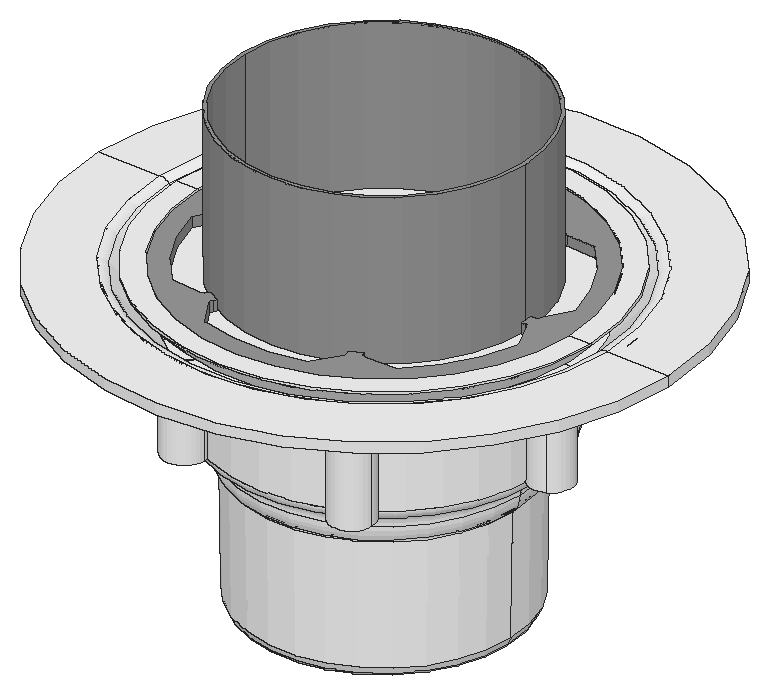
Revit family "3000.119 Down Pipe Junction", category Plumbing Fixtures, Revit 2016
Family settings
  Part Type = Normal
  Round Connector Dimension = Use Diameter
  OmniClass Number = 23.13.41.39
  OmniClass Title = Roof Drains
  Work Plane-Based = No
  Always vertical = Yes
  Cut with Voids When Loaded = No
  Shared = No
  Room Calculation Point = No
Parameters (values of type "100x100")
  Waste Connection = yes
  Vent Connection = no
  URL = "www.aquaknight.co.nz"
  Phone = "+6498322214"  # constant formula
  Model = "3000.119"
  Manufacturer = "Aquanight Industries Ltd"  # constant formula
  HW Connection = no
  Email = "info@aquaknight.co.nz"  # constant formula
  Description = "DownPipe Junction 100xDWV100 vented"
  Connector Diameter = 100 mm
  CW Connection = no
Reference planes
  plane 1 "Center (Front/Back)": y = 0
  plane 2: z = 0
  plane 3 "Center (Left/Right)": x = 0
  plane 4: z = -95.977
Forms (mm)
  Revolve 1, solid, material "Plastic, Glossy White"
    sketch origin (0, 0, -4) x (1, 0, 0) y (0, 0, 1)
      loop
        line (72.865, -12.5) -> (58.75, -12.5) -> (58.418, -50.494)
        arc (58.418, -50.494) -> (53.232, -54.057) -> (51.2, -60.012) r 10
        arc (51.2, -60.012) -> (50.803, -62.433) -> (49.691, -64.62) r 8
        arc (49.691, -64.62) -> (48.861, -66.247) -> (48.559, -68.049) r 6
        line (48.559, -68.049) -> (47.921, -116.857) -> (48.914, -116.857)
        arc (48.914, -116.857) -> (49.738, -116.608) -> (50.29, -115.946) r 1.5
        line (50.29, -115.946) -> (51.4, -113.357) -> (52, -67.475)
        arc (52, -67.475) -> (52.489, -66.329) -> (53.642, -65.857) r 1.642
        arc (53.642, -65.857) -> (54.791, -63.051) -> (55.2, -60.047) r 12
        arc (55.2, -60.047) -> (56.482, -56.392) -> (59.73, -54.282) r 6
        arc (59.73, -54.282) -> (61.906, -52.862) -> (62.75, -50.404) r 4
        line (62.75, -50.404) -> (62.75, -19.5) -> (74.07, -19.5)
        arc (74.07, -19.5) -> (76.898, -18.328) -> (78.07, -15.5) r 4
        line (78.07, -15.5) -> (78.07, -13.768)
        arc (78.07, -13.768) -> (78.244, -12.852) -> (78.742, -12.063) r 2.5
        line (78.742, -12.063) -> (89.249, -0.795)
        arc (89.249, -0.795) -> (90.081, -0.207) -> (91.078, 0) r 2.5
        line (91.078, 0) -> (115, 0) -> (115, 4) -> (90.425, 4)
        arc (90.425, 4) -> (88.432, 3.585) -> (86.769, 2.41) r 5
        line (86.769, 2.41) -> (72.865, -12.5)
      loop
        line (36.5, -4.5) -> (75.5, -4.5) -> (83.653, 3.653) -> (83.653, 4.5) -> (75.25, 4.5) -> (75.25, 0) -> (36.5, 0) -> (36.5, -4.5)
      axis (0, 4.5) -> (0, -116.857)
    angle from 0 to 360
  Extrusion 2, solid, material "Plastic, Glossy White", detail levels fine
    sketch origin (0, 0, -4) x (1, 0, 0) y (0, 1, 0)
      loop
        circle (67.55, 0) r 8.2
      loop
        circle (33.775, 58.5) r 8.2
      loop
        circle (33.775, -58.5) r 8.2
      loop
        circle (-67.55, 0) r 8.2
      loop
        circle (-33.775, 58.5) r 8.2
      loop
        circle (-33.775, -58.5) r 8.2
    from -50.494 to -12.5
  Extrusion 3, solid, material "Stainless Steel", detail levels medium+fine
    sketch origin (0.24, -279.02, 0) x (1, 0, 0) y (0, 1, 0)
      loop
        circle (0, 279.02) r 75.25
      loop
        arc (20.14, 343.37) -> (-0.389, 346.52) -> (-20.904, 343.279) r 67.5
        line (-20.904, 343.279) -> (-27.513, 333.198)
        arc (-27.513, 333.198) -> (-27.839, 332.156) -> (-27.57, 331.098) r 2
        line (-27.57, 331.098) -> (-26.91, 329.961)
        arc (-26.91, 329.961) -> (-29.1, 328.753) -> (-31.235, 327.451) r 57.5
        line (-31.235, 327.451) -> (-31.895, 328.588)
        arc (-31.895, 328.588) -> (-32.68, 329.347) -> (-33.747, 329.58) r 2
        line (-33.747, 329.58) -> (-45.778, 328.845)
        arc (-45.778, 328.845) -> (-58.771, 312.641) -> (-66.222, 293.254) r 67.5
        line (-66.222, 293.254) -> (-60.796, 282.49)
        arc (-60.796, 282.49) -> (-60.057, 281.686) -> (-59.005, 281.39) r 2
        line (-59.005, 281.39) -> (-57.691, 281.393)
        arc (-57.691, 281.393) -> (-57.74, 279.02) -> (-57.691, 276.647) r 57.5
        line (-57.691, 276.647) -> (-59.005, 276.65)
        arc (-59.005, 276.65) -> (-60.057, 276.354) -> (-60.796, 275.55) r 2
        line (-60.796, 275.55) -> (-66.222, 264.786)
        arc (-66.222, 264.786) -> (-58.771, 245.399) -> (-45.778, 229.195) r 67.5
        line (-45.778, 229.195) -> (-33.747, 228.46)
        arc (-33.747, 228.46) -> (-32.68, 228.693) -> (-31.895, 229.452) r 2
        line (-31.895, 229.452) -> (-31.235, 230.589) -> (-26.91, 228.079) -> (-27.57, 226.943)
        arc (-27.57, 226.943) -> (-27.839, 225.884) -> (-27.513, 224.842) r 2
        line (-27.513, 224.842) -> (-20.904, 214.761)
        arc (-20.904, 214.761) -> (-0.389, 211.52) -> (20.14, 214.67) r 67.5
        line (20.14, 214.67) -> (26.794, 224.723)
        arc (26.794, 224.723) -> (27.125, 225.764) -> (26.86, 226.822) r 2
        line (26.86, 226.822) -> (26.205, 227.962)
        arc (26.205, 227.962) -> (28.4, 229.16) -> (30.541, 230.453) r 57.5
        line (30.541, 230.453) -> (31.194, 229.315)
        arc (31.194, 229.315) -> (31.976, 228.551) -> (33.043, 228.312) r 2
        line (33.043, 228.312) -> (45.078, 228.995)
        arc (45.078, 228.995) -> (58.217, 245.27) -> (65.742, 264.786) r 67.5
        line (65.742, 264.786) -> (60.316, 275.55)
        arc (60.316, 275.55) -> (59.577, 276.354) -> (58.525, 276.65) r 2
        line (58.525, 276.65) -> (57.211, 276.647)
        arc (57.211, 276.647) -> (57.26, 279.02) -> (57.211, 281.393) r 57.5
        line (57.211, 281.393) -> (58.525, 281.39)
        arc (58.525, 281.39) -> (59.577, 281.686) -> (60.316, 282.49) r 2
        line (60.316, 282.49) -> (65.742, 293.254)
        arc (65.742, 293.254) -> (58.217, 312.77) -> (45.078, 329.045) r 67.5
        line (45.078, 329.045) -> (33.043, 329.728)
        arc (33.043, 329.728) -> (31.976, 329.489) -> (31.194, 328.725) r 2
        line (31.194, 328.725) -> (30.541, 327.587)
        arc (30.541, 327.587) -> (28.4, 328.88) -> (26.205, 330.078) r 57.5
        line (26.205, 330.078) -> (26.86, 331.218)
        arc (26.86, 331.218) -> (27.125, 332.277) -> (26.794, 333.317) r 2
        line (26.794, 333.317) -> (20.14, 343.37)
    from -4 to 0
  Extrusion 4, solid, material "Stainless Steel"
    sketch origin (0, 0, 0) x (1, 0, 0) y (0, 1, 0)
      loop
        circle (0, 0) r 57.2
      loop
        circle (0, 0) r 56
    from -16.5 to 56
Lines and regions (mm)
  model lines, detail levels fine
    curve 1: circle (53.5, 92.665, 0) r 4.5 normal (0, 0, 1)
    curve 2: circle (107, 0, 0) r 4.5 normal (0, 0, -1)
    curve 3: circle (53.5, -92.665, 0) r 4.5 normal (0, 0, -1)
    curve 4: circle (-53.5, 92.665, 0) r 4.5 normal (0, 0, -1)
    curve 5: circle (-107, 0, 0) r 4.5 normal (0, 0, 1)
    curve 6: circle (-53.5, -92.665, 0) r 4.5 normal (0, 0, 1)
Dimensions and locks
  locked: level to plane 4 at 95.977
  locked: connector elem to plane 1 "Center (Front/Back)" at 0
  locked: connector elem to plane 3 "Center (Left/Right)" at 0
  aligned and locked: level to plane 2
Connectors
  piping at (0, 0, -95.977), diameter 100, driven by "Connector Diameter"
    settings: on plane 4, index 1, connector inside diameter 609.6 mm, connector length 0 mm, flow factor 0, pipe flow 0.0 L/s, pressure drop 0.0 Pa, fitting loss kfactor 0, connector angle 0.00°, fixture units 0, engagement length 0 mm, angle of deflection 0.00°, flow configuration 0, flow direction 0, fitting loss method 0, system type 28, joint type 0, gender type 0, connector reference index -1, connector utility 0, adjustable connector no, is connector primary yes, connector description ""
